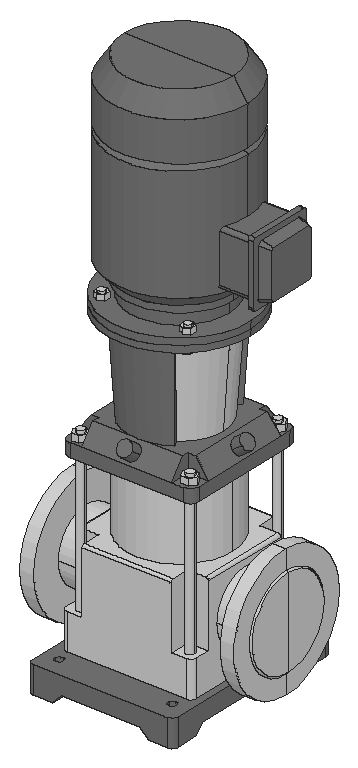
Revit family "TESK_Насос вертикальный_SVM(T)-64", category Оборудование, Revit 2019
Family settings
  Размер круглого соединителя = Использовать диаметр
  Классификация = Насос
  Тип детали = Вставляется
  На основе рабочей плоскости = Нет
  Всегда вертикально = Да
  При загрузке вырезать с полостями = Нет
  Общий = Нет
  Точка расчета площади = Нет
Parameters (values of type "Загрузите каталог типоразмеров TXT")
  Толщина_ФланцаДвигателя = Двигатель_Высота * 0.03  # 11.1 mm
  Таблица_Поиска = "TESK_SVM(T)-64"  # constant formula
  Производитель_Контакты = "info@teskpump.ru"
  Напор максимальный = 0
  Материал_КорпусУлитка = TESK_Нержавеющая сталь
  Материал_КорпусДвигателя = TESK_Черный_Ребра_Условный
  Материал_2 = TESK_Нержавеющая сталь
  Материал_1 = TESK_Черный_Условный
  Высота_Башня = size_lookup(Таблица_Поиска, "A5", 200 mm, ADSK_Марка)  # 200 mm
  Высота_Корпуса = size_lookup(Таблица_Поиска, "A1", 561 mm, ADSK_Марка)  # 561 mm
  Watermark [instance] = "Модели защищены уникальным кодом"
  URL = "www.teskpump.ru"
  D_Башня = Двигатель_Ширина * 0.75  # 172.5 mm
  ADSK_Свободный напор жидкости [instance] = 0.0 Pa
  ADSK_Расход жидкости [instance] = 0.0 L/s
  ADSK_Полная мощность = ADSK_Номинальная мощность * ADSK_Коэффициент мощности  # 0 kVA
  ADSK_Номинальная мощность = size_lookup(Таблица_Поиска, "Pow", 0 kW, ADSK_Марка)  # 0 kW
  ADSK_Напряжение = 400 V
  ADSK_Наименование краткое = "Вертикальный многоступенчатый центробежный насос"  # constant formula
  ADSK_Наименование = size_lookup(Таблица_Поиска, "Name", "Не найдено: Насос TESK SVM(T)-64", ADSK_Марка)  # "Не найдено: Насос TESK SVM(T)-64"
  ADSK_Масса_Текст = size_lookup(Таблица_Поиска, "mass_t", "Не найдено: Насос TESK SVM(T)-64", ADSK_Марка)  # "Не найдено: Насос TESK SVM(T)-64"
  ADSK_Масса = size_lookup(Таблица_Поиска, "mass", 0, ADSK_Марка)  # 0
  ADSK_Марка = "Загрузите каталог типоразмеров TXT"
  ADSK_Коэффициент мощности = 1
  ADSK_Количество фаз числовое = ADSK_Количество фаз  # 3
  ADSK_Количество фаз = if(ADSK_Напряжение = 230 V, 1, 3)  # 3
  ADSK_Количество = 1  # constant formula
  ADSK_Код изделия = size_lookup(Таблица_Поиска, "code", "Не найдено: Насос TESK SVM(T)-64", ADSK_Марка)  # "Не найдено: Насос TESK SVM(T)-64"
  ADSK_Классификация нагрузок = Прочее
  ADSK_Завод-изготовитель = "TESK"  # constant formula
  ADSK_Единица измерения = "шт."  # constant formula
  ADSK_Диаметр условный = 100 mm  # constant formula
  ADSK_Версия семейства = "1.0"  # constant formula
  ADSK_Версия Revit = "2019"  # constant formula
  Фланец_Толщина = 26 mm  # constant formula
  УГО_Длина = 365 mm  # constant formula
  Двигатель_Ширина = size_lookup(Таблица_Поиска, "A3", 230 mm, ADSK_Марка)  # 230 mm
  Двигатель_ОтступКоробки = size_lookup(Таблица_Поиска, "A4", 188 mm, ADSK_Марка)  # 188 mm
  Двигатель_Высота = size_lookup(Таблица_Поиска, "A2", 370 mm, ADSK_Марка)  # 370 mm
Reference planes
  plane 1 "По центру (Вперед/Назад)": y = 0
  plane 2: z = 0
  plane 3 "По центру (Влево/Вправо)": x = 0
  plane 4: x = -182.5
  plane 5: x = 182.5
  plane 6: x = -156.5
  plane 7: x = 156.5
  plane 8: z = -140
  plane 9: z = 421
  plane 10: z = 221
  plane 11: z = 199
  plane 12: x = -110
  plane 13: y = 110
  plane 14: x = 110
  plane 15: y = -110
  plane 16: x = -92
  plane 17: x = 92
  plane 18: y = -92
  plane 19: y = 92
  plane 20: z = 236
  plane 21: z = -95
  plane 22: x = -122.5
  plane 23: x = 122.5
  plane 24: y = -165
  plane 25: y = 165
  plane 26: z = -125
  plane 27: x = -80
  plane 28: x = 80
  plane 29: y = -165
  plane 30: y = 165
  plane 31: x = -122.5
  plane 32: x = 122.5
  plane 33: y = -118
  plane 34: y = 118
  plane 35: z = -125
  plane 36: x = -95
  plane 37: x = 95
  plane 38: y = -133
  plane 39: y = 133
  plane 40: z = 75
  plane 41: x = -110
  plane 42: x = 110
  plane 43: y = -110
  plane 44: y = 110
  plane 45: x = -110
  plane 46: x = 110
  plane 47: y = -110
  plane 48: y = 110
  plane 49: x = -75
  plane 50: x = 75
  plane 51: y = -75
  plane 52: y = 75
  plane 53: z = -35
  plane 54: x = -92
  plane 55: x = 92
  plane 56: y = -92
  plane 57: y = 92
  plane 58: x = -110
  plane 59: x = 110
  plane 60: y = -110
  plane 61: y = 110
  plane 62: x = -87
  plane 63: x = 87
  plane 64: y = -87
  plane 65: y = 87
  plane 66: z = 251
  plane 67: z = 409.9
  plane 68: x = -75
  plane 69: x = -86.25
  plane 70: x = 86.25
  plane 71: x = -87
  plane 72: x = -98.25
  plane 73: x = 75
  plane 74: x = 86.25
  plane 75: x = -86.25
  plane 76: x = 87
  plane 77: x = 98.25
  plane 78: z = 70
  plane 79: x = -105
  plane 80: x = -110
Forms (mm)
  Extrusion 1, solid, material "TESK_Нержавеющая сталь" <- "Материал_КорпусУлитка", detail levels fine
    sketch origin (0, 0, 0) x (0, 1, 0) y (0, 0, 1)
      loop
        circle (0, 0) r 60
    from -156.5 to 156.5
  Extrusion 2, solid, material "TESK_Черный_Условный" <- "Материал_1", detail levels fine
    sketch origin (0, 0, 0) x (1, 0, 0) y (0, 1, 0)
      loop
        line (-110, 95) -> (-110, -95)
        arc (-110, -95) -> (-105.607, -105.607) -> (-95, -110) r 15
        line (-95, -110) -> (95, -110)
        arc (95, -110) -> (105.607, -105.607) -> (110, -95) r 15
        line (110, -95) -> (110, 95)
        arc (110, 95) -> (105.607, 105.607) -> (95, 110) r 15
        line (95, 110) -> (-95, 110)
        arc (-95, 110) -> (-105.607, 105.607) -> (-110, 95) r 15
    from 199 to 221
  Extrusion 3, solid, material "TESK_Нержавеющая сталь" <- "Материал_2", detail levels fine
    sketch origin (0, 0, 0) x (1, 0, 0) y (0, 1, 0)
      loop
        circle (-92, 92) r 7
      loop
        circle (92, 92) r 7
      loop
        circle (-92, -92) r 7
      loop
        circle (92, -92) r 7
    from -35 to 236
  Extrusion 4, solid, material "TESK_Черный_Условный" <- "Материал_1", detail levels fine
    sketch origin (0, 0, 0) x (1, 0, 0) y (0, 1, 0)
      loop
        line (-122.5, 155) -> (-122.5, -155)
        arc (-122.5, -155) -> (-119.571, -162.071) -> (-112.5, -165) r 10
        line (-112.5, -165) -> (112.5, -165)
        arc (112.5, -165) -> (119.571, -162.071) -> (122.5, -155) r 10
        line (122.5, -155) -> (122.5, 155)
        arc (122.5, 155) -> (119.571, 162.071) -> (112.5, 165) r 10
        line (112.5, 165) -> (-112.5, 165)
        arc (-112.5, 165) -> (-119.571, 162.071) -> (-122.5, 155) r 10
    from -140 to -95
  Extrusion 5, void
    sketch origin (0, 0, 0) x (1, 0, 0) y (0, 0, 1)
      loop
        line (-65, -125) -> (-80, -140) -> (80, -140) -> (65, -125) -> (-65, -125)
    from -165 to 165
  Extrusion 6, void
    sketch origin (0, 0, 0) x (0, 1, 0) y (0, 0, 1)
      loop
        line (-103, -125) -> (-118, -140) -> (118, -140) -> (103, -125) -> (-103, -125)
    from -122.5 to 122.5
  Extrusion 7, void
    sketch origin (0, 0, 0) x (1, 0, 0) y (0, 1, 0)
      loop
        circle (-95, 133) r 7
      loop
        circle (95, 133) r 7
      loop
        circle (95, -133) r 7
      loop
        circle (-95, -133) r 7
    from -95 to -140
  Extrusion 8, solid, material "TESK_Нержавеющая сталь" <- "Материал_КорпусУлитка", detail levels fine
    sketch origin (0, 0, 0) x (1, 0, 0) y (0, 1, 0)
      loop
        arc (-100, 110) -> (-107.071, 107.071) -> (-110, 100) r 10
        line (-110, 100) -> (-110, -100)
        arc (-110, -100) -> (-107.071, -107.071) -> (-100, -110) r 10
        line (-100, -110) -> (100, -110)
        arc (100, -110) -> (107.071, -107.071) -> (110, -100) r 10
        line (110, -100) -> (110, 100)
        arc (110, 100) -> (107.071, 107.071) -> (100, 110) r 10
        line (100, 110) -> (-100, 110)
    from -95 to 75
  Extrusion 9, void
    sketch origin (0, 0, 0) x (1, 0, 0) y (0, 1, 0)
      loop
        line (-110, 75) -> (-75, 75) -> (-75, 110) -> (-110, 110) -> (-110, 75)
      loop
        line (75, 75) -> (110, 75) -> (110, 110) -> (75, 110) -> (75, 75)
      loop
        line (-110, -75) -> (-110, -110) -> (-75, -110) -> (-75, -75) -> (-110, -75)
      loop
        line (75, -75) -> (75, -110) -> (110, -110) -> (110, -75) -> (75, -75)
    from -35 to 251
  Extrusion 10, solid, material "TESK_Нержавеющая сталь" <- "Материал_2", detail levels fine
    sketch origin (0, 0, 0) x (1, 0, 0) y (0, 1, 0)
      loop
        circle (0, 0) r 90
    from 75 to 199
  Blend 11, solid, material "TESK_Черный_Условный" <- "Материал_1", detail levels fine
    base sketch origin (0, 0, 0) x (1, 0, 0) y (0, 1, 0)
      loop
        line (-110, 110) -> (-110, -110) -> (110, -110) -> (110, 110) -> (-110, 110)
    top sketch origin (0, 0, 0) x (1, 0, 0) y (0, 1, 0)
      loop
        line (-87, 87) -> (-87, -87) -> (87, -87) -> (87, 87) -> (-87, 87)
    from 221 to 251
  Blend 12, solid, material "TESK_Нержавеющая сталь" <- "Материал_2", detail levels fine
    base sketch origin (0, 0, 0) x (1, 0, 0) y (0, 1, 0)
      loop
        circle (0, 0) r 75
    top sketch origin (0, 0, 0) x (1, 0, 0) y (0, 1, 0)
      loop
        circle (0, 0) r 86.25
    from 251 to 409.9
  Revolve 13, solid, material "TESK_Черный_Условный" <- "Материал_1", detail levels fine
    sketch origin (0, 0, 0) x (1, 0, 0) y (0, 0, 1)
      loop
        line (-98.25, 409.9) -> (-87, 251) -> (-75, 251) -> (-86.25, 409.9) -> (-98.25, 409.9)
      axis (0, 251) -> (0, 409.9)
    angle from -125 to -55
  Revolve 14, solid, material "TESK_Черный_Условный" <- "Материал_1", detail levels fine
    sketch origin (0, 0, 0) x (-1, 0, 0) y (0, 0, 1)
      loop
        line (-98.25, 409.9) -> (-87, 251) -> (-75, 251) -> (-86.25, 409.9) -> (-98.25, 409.9)
      axis (0, 251) -> (0, 409.9)
    angle from 125 to 55
  Sweep 15, void
    path in 3D
      loop
        arc (-110, -100, 75) -> (-107.071, -107.071, 75) -> (-100, -110, 75) r 10
        line (-100, -110, 75) -> (100, -110, 75)
        arc (100, -110, 75) -> (107.071, -107.071, 75) -> (110, -100, 75) r 10
        line (110, -100, 75) -> (110, 100, 75)
        arc (110, 100, 75) -> (107.071, 107.071, 75) -> (100, 110, 75) r 10
        line (100, 110, 75) -> (-100, 110, 75)
        arc (-100, 110, 75) -> (-107.071, 107.071, 75) -> (-110, 100, 75) r 10
        line (-110, 100, 75) -> (-110, -100, 75)
    profile origin (-110, 0, 75) x (1, 0, 0) y (0, 0, 1)
      loop
        line (0, 0) -> (0, -5)
        arc (0, -5) -> (1.464, -1.464) -> (5, 0) r 5
        line (5, 0) -> (0, 0)
Cuts and joins
  Extrusion 5, Extrusion 6, Extrusion 7 cuts Extrusion 4
  Extrusion 9 cuts Blend 11
  Extrusion 9, Sweep 15 cuts Extrusion 8
Lines and regions (mm)
  sketch lines
    curve 1: line (-110, 100, 75) -> (-110, -100, 75)
    curve 2: arc (-100, -110, 75) -> (-107.071, -107.071, 75) -> (-110, -100, 75) r 10
    curve 3: line (-100, -110, 75) -> (100, -110, 75)
    curve 4: arc (110, -100, 75) -> (107.071, -107.071, 75) -> (100, -110, 75) r 10
    curve 5: line (110, -100, 75) -> (110, 100, 75)
    curve 6: arc (100, 110, 75) -> (107.071, 107.071, 75) -> (110, 100, 75) r 10
    curve 7: line (100, 110, 75) -> (-100, 110, 75)
    curve 8: arc (-110, 100, 75) -> (-107.071, 107.071, 75) -> (-100, 110, 75) r 10
Dimensions and locks
  locked: plane 2 to plane 8 at 140
  "Высота_Башня": plane 9 to plane 10
  locked: plane 10 to plane 11 at 22
  equal spacing: plane 12, plane 3 "По центру (Влево/Вправо)", plane 14
  equal spacing: plane 13, plane 1 "По центру (Вперед/Назад)", plane 15
  locked: plane 15 to plane 1 "По центру (Вперед/Назад)" at 110
  locked: plane 12 to plane 3 "По центру (Влево/Вправо)" at 110
  equal spacing: plane 16, plane 3 "По центру (Влево/Вправо)", plane 17
  locked: plane 16 to plane 3 "По центру (Влево/Вправо)" at 92
  equal spacing: plane 19, plane 1 "По центру (Вперед/Назад)", plane 18
  locked: plane 19 to plane 1 "По центру (Вперед/Назад)" at 92
  locked: plane 20 to plane 10 at 15
  locked: plane 21 to plane 8 at 45
  equal spacing: plane 22, plane 3 "По центру (Влево/Вправо)", plane 23
  locked: plane 22 to plane 3 "По центру (Влево/Вправо)" at 122.5
  equal spacing: plane 25, plane 1 "По центру (Вперед/Назад)", plane 24
  locked: plane 25 to plane 1 "По центру (Вперед/Назад)" at 165
  locked: plane 26 to plane 8 at 15
  equal spacing: plane 28, plane 3 "По центру (Влево/Вправо)", plane 27
  locked: plane 3 "По центру (Влево/Вправо)" to plane 27 at 80
  equal spacing: plane 29, plane 1 "По центру (Вперед/Назад)", plane 30
  locked: plane 29 to plane 1 "По центру (Вперед/Назад)" at 165
  equal spacing: plane 32, plane 3 "По центру (Влево/Вправо)", plane 31
  locked: plane 3 "По центру (Влево/Вправо)" to plane 31 at 122.5
  equal spacing: plane 33, plane 1 "По центру (Вперед/Назад)", plane 34
  locked: plane 33 to plane 1 "По центру (Вперед/Назад)" at 118
  locked: plane 35 to plane 8 at 15
  equal spacing: plane 36, plane 3 "По центру (Влево/Вправо)", plane 37
  equal spacing: plane 39, plane 1 "По центру (Вперед/Назад)", plane 38
  locked: plane 39 to plane 1 "По центру (Вперед/Назад)" at 133
  locked: plane 3 "По центру (Влево/Вправо)" to plane 37 at 95
  locked: plane 40 to plane 21 at 170
  equal spacing: plane 41, plane 3 "По центру (Влево/Вправо)", plane 42
  equal spacing: plane 44, plane 1 "По центру (Вперед/Назад)", plane 43
  locked: plane 43 to plane 1 "По центру (Вперед/Назад)" at 110
  locked: plane 3 "По центру (Влево/Вправо)" to plane 42 at 110
  equal spacing: plane 48, plane 1 "По центру (Вперед/Назад)", plane 47
  equal spacing: plane 45, plane 3 "По центру (Влево/Вправо)", plane 46
  locked: plane 45 to plane 3 "По центру (Влево/Вправо)" at 110
  locked: plane 48 to plane 1 "По центру (Вперед/Назад)" at 110
  locked: plane 48 to plane 52 at 35
  locked: plane 51 to plane 47 at 35
  locked: plane 45 to plane 49 at 35
  locked: plane 50 to plane 46 at 35
  locked: plane 2 to plane 53 at 35
  equal spacing: plane 57, plane 1 "По центру (Вперед/Назад)", plane 56
  locked: plane 57 to plane 1 "По центру (Вперед/Назад)" at 92
  equal spacing: plane 54, plane 3 "По центру (Влево/Вправо)", plane 55
  locked: plane 3 "По центру (Влево/Вправо)" to plane 55 at 92
  equal spacing: plane 61, plane 1 "По центру (Вперед/Назад)", plane 60
  equal spacing: plane 58, plane 3 "По центру (Влево/Вправо)", plane 59
  locked: plane 58 to plane 3 "По центру (Влево/Вправо)" at 110
  locked: plane 1 "По центру (Вперед/Назад)" to plane 61 at 110
  equal spacing: plane 62, plane 3 "По центру (Влево/Вправо)", plane 63
  equal spacing: plane 65, plane 1 "По центру (Вперед/Назад)", plane 64
  locked: plane 1 "По центру (Вперед/Назад)" to plane 65 at 87
  locked: plane 62 to plane 3 "По центру (Влево/Вправо)" at 87
  locked: plane 66 to plane 10 at 30
  "Толщина_ФланцаДвигателя": plane 9 to plane 67
  equal spacing: plane 70, plane 3 "По центру (Влево/Вправо)", plane 69
  "D_Башня": plane 70 to plane 69
  locked: plane 3 "По центру (Влево/Вправо)" to plane 68 at 75
  locked: plane 69 to plane 72 at 12
  locked: plane 68 to plane 71 at 12
  "D_Башня": plane 75 to plane 74
  locked: plane 74 to plane 77 at 12
  locked: plane 73 to plane 76 at 12
  equal spacing: plane 75, plane 3 "По центру (Влево/Вправо)", plane 74
  locked: plane 73 to plane 3 "По центру (Влево/Вправо)" at 75
  equal spacing: plane 5, plane 3 "По центру (Влево/Вправо)", plane 4
  locked: plane 3 "По центру (Влево/Вправо)" to plane 4 at 182.5
  "Фланец_Толщина": plane 6 to plane 4
  "Фланец_Толщина": plane 5 to plane 7
  "Высота_Корпуса": plane 9 to plane 8
  locked: plane 79 to plane 80 at 5
  locked: plane 40 to plane 78 at 5
  locked: plane 3 "По центру (Влево/Вправо)" to plane 80 at 110
  diameter of Extrusion 1 sketch curve = 120 mm
  radius of Extrusion 2 sketch curve = 15 mm  (x4)
  diameter of Extrusion 3 sketch curve = 14 mm  (x4)
  radius of Extrusion 4 sketch curve = 10 mm  (x4)
  diameter of Extrusion 7 sketch curve = 14 mm  (x4)
  radius of Extrusion 8 sketch curve = 10 mm  (x4)
  diameter of Blend 12 sketch curve = 150 mm
  "D_Башня": diameter of Blend 12 sketch curve
  diameter of Extrusion 10 sketch curve = 180 mm
  radius of Sweep 15 sketch curve = 5 mm
  locked: Extrusion 5 sketch curve to plane 27 (angle 45.00°)
  locked: plane 28 to Extrusion 5 sketch curve (angle 45.00°)
  locked: Extrusion 6 sketch curve to plane 33 (angle 45.00°)
  locked: plane 34 to Extrusion 6 sketch curve (angle 45.00°)
  aligned and locked: level to plane 2
  aligned and locked: plane 1 "По центру (Вперед/Назад)" to nested 1
  aligned and locked: nested 2 to plane 1 "По центру (Вперед/Назад)"
  aligned and locked: plane 4 to nested 1
  aligned and locked: nested 2 to plane 5
  aligned and locked: Extrusion 1 to plane 6
  aligned and locked: plane 7 to Extrusion 1
  aligned and locked: Extrusion 2 sketch curve to plane 12
  aligned and locked: Extrusion 2 sketch curve to plane 13
  aligned and locked: Extrusion 2 sketch curve to plane 14
  aligned and locked: Extrusion 2 sketch curve to plane 15
  aligned and locked: plane 10 to Extrusion 2
  aligned and locked: Extrusion 2 to plane 11
  aligned and locked: plane 19 to Extrusion 3 sketch curve  (x2)
  aligned and locked: plane 16 to Extrusion 3 sketch curve  (x2)
  aligned and locked: plane 17 to Extrusion 3 sketch curve  (x2)
  aligned and locked: plane 18 to Extrusion 3 sketch curve  (x2)
  aligned and locked: Extrusion 3 to plane 20
  aligned and locked: plane 3 "По центру (Влево/Вправо)" to nested 3
  aligned and locked: plane 1 "По центру (Вперед/Назад)" to nested 3
  aligned and locked: plane 9 to nested 3
  aligned and locked: Extrusion 4 sketch curve to plane 22
  aligned and locked: Extrusion 4 sketch curve to plane 25
  aligned and locked: Extrusion 4 sketch curve to plane 23
  aligned and locked: Extrusion 4 sketch curve to plane 24
  aligned and locked: plane 21 to Extrusion 4
  aligned and locked: Extrusion 4 to plane 8
  aligned and locked: Extrusion 5 sketch curve to plane 26
  aligned and locked: Extrusion 5 sketch curve to plane 27
  aligned and locked: Extrusion 5 sketch curve to plane 8
  aligned and locked: Extrusion 5 sketch curve to plane 28
  aligned and locked: plane 8 to Extrusion 5 sketch curve
  aligned and locked: Extrusion 5 to plane 29
  aligned and locked: Extrusion 5 to plane 30
  aligned and locked: Extrusion 6 sketch curve to plane 35
  aligned and locked: Extrusion 6 sketch curve to plane 8
  aligned and locked: Extrusion 6 sketch curve to plane 34
  aligned and locked: plane 8 to Extrusion 6 sketch curve
  aligned and locked: Extrusion 6 sketch curve to plane 33
  aligned and locked: Extrusion 6 to plane 31
  aligned and locked: Extrusion 6 to plane 32
  aligned and locked: plane 39 to Extrusion 7 sketch curve  (x2)
  aligned and locked: plane 36 to Extrusion 7 sketch curve  (x2)
  aligned and locked: plane 37 to Extrusion 7 sketch curve  (x2)
  aligned and locked: plane 38 to Extrusion 7 sketch curve  (x2)
  aligned and locked: Extrusion 7 to plane 21
  aligned and locked: Extrusion 7 to plane 8
  aligned and locked: Extrusion 8 sketch curve to plane 44
  aligned and locked: Extrusion 8 sketch curve to plane 41
  aligned and locked: Extrusion 8 sketch curve to plane 42
  aligned and locked: Extrusion 8 sketch curve to plane 43
  aligned and locked: Extrusion 8 to plane 21
  aligned and locked: plane 40 to Extrusion 8
  aligned and locked: Extrusion 9 sketch curve to plane 52  (x2)
  aligned and locked: Extrusion 9 sketch curve to plane 45
  aligned and locked: Extrusion 9 sketch curve to plane 48  (x2)
  aligned and locked: Extrusion 9 sketch curve to plane 49
  aligned and locked: Extrusion 9 sketch curve to plane 50
  aligned and locked: Extrusion 9 sketch curve to plane 46
  aligned and locked: plane 45 to Extrusion 9 sketch curve
  aligned and locked: Extrusion 9 sketch curve to plane 47  (x2)
  aligned and locked: plane 49 to Extrusion 9 sketch curve
  aligned and locked: Extrusion 9 sketch curve to plane 51  (x2)
  aligned and locked: plane 50 to Extrusion 9 sketch curve
  aligned and locked: plane 46 to Extrusion 9 sketch curve
  aligned and locked: Extrusion 9 to plane 53
  aligned and locked: Extrusion 10 to plane 40
  aligned and locked: plane 11 to Extrusion 10
  aligned and locked: nested 4 to plane 10
  aligned and locked: nested 4 to plane 54
  aligned and locked: plane 56 to nested 4
  aligned and locked: Extrusion 3 to plane 53
  aligned and locked: nested 5 to plane 55
  aligned and locked: nested 5 to plane 56
  aligned and locked: plane 55 to nested 7
  aligned and locked: nested 7 to plane 57
  aligned and locked: plane 54 to nested 6
  aligned and locked: plane 57 to nested 6
  aligned and locked: plane 10 to nested 5
  aligned and locked: nested 7 to plane 10
  aligned and locked: plane 10 to nested 6
  aligned and locked: Blend 11 sketch curve to plane 58
  aligned and locked: Blend 11 sketch curve to plane 61
  aligned and locked: Blend 11 sketch curve to plane 60
  aligned and locked: Blend 11 sketch curve to plane 59
  aligned and locked: Blend 11 sketch curve to plane 65
  aligned and locked: Blend 11 sketch curve to plane 62
  aligned and locked: Blend 11 sketch curve to plane 63
  aligned and locked: Blend 11 sketch curve to plane 64
  aligned and locked: Blend 11 to plane 10
  aligned and locked: plane 66 to Extrusion 9
  aligned and locked: plane 66 to Blend 11
  aligned and locked: plane 3 "По центру (Влево/Вправо)" to Blend 12 sketch curve  (x2)
  aligned and locked: plane 1 "По центру (Вперед/Назад)" to Blend 12 sketch curve  (x2)
  aligned and locked: Blend 12 to plane 66
  aligned and locked: plane 67 to Blend 12
  aligned and locked: plane 3 "По центру (Влево/Вправо)" to Revolve 13 sketch curve
  aligned and locked: Revolve 13 sketch curve to plane 67
  aligned and locked: Revolve 13 sketch curve to plane 66
  aligned and locked: plane 71 to Revolve 13 sketch curve
  aligned and locked: plane 68 to Revolve 13 sketch curve
  aligned and locked: plane 72 to Revolve 13 sketch curve
  aligned and locked: plane 69 to Revolve 13 sketch curve
  aligned and locked: plane 66 to Revolve 14 sketch curve
  aligned and locked: plane 76 to Revolve 14 sketch curve
  aligned and locked: plane 73 to Revolve 14 sketch curve
  aligned and locked: plane 67 to Revolve 14 sketch curve
  aligned and locked: plane 77 to Revolve 14 sketch curve
  aligned and locked: plane 74 to Revolve 14 sketch curve
  aligned and locked: plane 3 "По центру (Влево/Вправо)" to Revolve 14 sketch curve
  aligned and locked: nested 8 to plane 1 "По центру (Вперед/Назад)"
  aligned and locked: nested 8 to plane 3 "По центру (Влево/Вправо)"
  aligned and locked: nested 9 to plane 1 "По центру (Вперед/Назад)"
  aligned and locked: plane 2 to nested 9
  aligned and locked: nested 9 to plane 3 "По центру (Влево/Вправо)"
  aligned and locked: plane 3 "По центру (Влево/Вправо)" to Extrusion 10 sketch curve
  aligned and locked: plane 1 "По центру (Вперед/Назад)" to Extrusion 10 sketch curve
  aligned and locked: plane 3 "По центру (Влево/Вправо)" to nested 10
  aligned and locked: Sweep 15 sketch curve to plane 80
  aligned and locked: Sweep 15 sketch curve to plane 40
  aligned and locked: plane 78 to Sweep 15 sketch curve
  aligned and locked: plane 79 to Sweep 15 sketch curve
  aligned and locked: nested 11 to plane 1 "По центру (Вперед/Назад)"
Automatic sketch dimensions
  Extrusion 1 sketch curve to level = 0 mm
  Extrusion 1 sketch curve to plane 1 "По центру (Вперед/Назад)" = 0 mm
  plane 66 to Revolve 13 sketch curve = 50 mm
  Revolve 13 sketch curve to plane 67 = 33.01 mm
  Revolve 14 sketch curve to plane 66 = 50 mm
  plane 67 to Revolve 14 sketch curve = 33.01 mm
Nested families
  nested 1: "Фланец_Круглый" at (-156.5, 0, 0), Толщина_Фланца <- "Фланец_Толщина", ADSK_Материал <- "Материал_КорпусУлитка", type "Фланец_Круглый", detail levels fine
    with Толщина_Фланца 26 mm, Толщина_Зеркала 3 mm, Dнар_Фланца 220 mm, D_Зеркала 150 mm, ADSK_Материал TESK_Нержавеющая сталь
  nested 2: "Фланец_Круглый" at (156.5, 0, 0) x (-1, 0, 0) z (0, 0, 1), Толщина_Фланца <- "Фланец_Толщина", ADSK_Материал <- "Материал_КорпусУлитка", type "Фланец_Круглый", detail levels fine
    with Толщина_Фланца 26 mm, Толщина_Зеркала 3 mm, Dнар_Фланца 220 mm, D_Зеркала 150 mm, ADSK_Материал TESK_Нержавеющая сталь
  nested 3: "Электродвигатель" at (0, 0, 421), Материал_Метизы <- "Материал_2", Материал_Основной <- "Материал_1", Материал_Ребра <- "Материал_КорпусДвигателя", Высота_Двигателя <- "Двигатель_Высота", Отступ_Коробка <- "Двигатель_ОтступКоробки", Ширина_Двигателя <- "Двигатель_Ширина", type "Электродвигатель", detail levels fine
    with Ширина_Коробки 94 mm, Ширина_Двигателя 230 mm, Толщина_ШляпкаБолта 7.245 mm, Толщина_Фланца 11.1 mm, Толщина_КрышкаКоробки 28.2 mm, Толщина_Гайки 9.056 mm, Отступ_Коробка 188 mm, Материал_Ребра TESK_Черный_Ребра_Условный, Материал_Основной TESK_Черный_Условный, Материал_Метизы TESK_Нержавеющая сталь, Коробка_Начало 74 mm, Длина_МеждуБолтами 144.9 mm, Выступ_КрышкаКоробки 7.52 mm, Высота_Двигателя 370 mm, Вылет_Болтов 11.773 mm, r2 92 mm, r1 85.1 mm, l3 3.76 mm, l2 6.58 mm, l1 6.58 mm, h6 23 mm, h5 33.3 mm, h4 111 mm, h3 99.9 mm, h2 33.3 mm, h1 22.2 mm, S_Метизы 18.113 mm, R_Верхушка 11.1 mm, R_2 3.76 mm, R_1 6.58 mm, D_Фланец 241.5 mm, D_Болты 12.075 mm
  nested 4: "Гайка_Условная" at (-92, -92, 221) x (-1, 0, 0) z (0, 0, 1), Материал1 <- "Материал_2", type "Гайка_Условная", detail levels fine
    with Толщина_Гайка 11 mm, Материал1 TESK_Нержавеющая сталь, S_Гайка 22 mm, D_Вн 14 mm
  nested 5: "Гайка_Условная" at (92, -92, 221), Материал1 <- "Материал_2", type "Гайка_Условная", detail levels fine
    with Толщина_Гайка 11 mm, Материал1 TESK_Нержавеющая сталь, S_Гайка 22 mm, D_Вн 14 mm
  nested 6: "Гайка_Условная" at (-92, 92, 221) x (-1, 0, 0) z (0, 0, 1), Материал1 <- "Материал_2", type "Гайка_Условная", detail levels fine
    with Толщина_Гайка 11 mm, Материал1 TESK_Нержавеющая сталь, S_Гайка 22 mm, D_Вн 14 mm
  nested 7: "Гайка_Условная" at (92, 92, 221), Материал1 <- "Материал_2", type "Гайка_Условная", detail levels fine
    with Толщина_Гайка 11 mm, Материал1 TESK_Нержавеющая сталь, S_Гайка 22 mm, D_Вн 14 mm
  nested 8: "Вл_УГО_Насос_2D" at (0, 0, 0) x (-1, 0, 0) z (0, 0, 1), L_УГО <- "УГО_Длина", type "Вл_УГО_Насос_2D", detail levels coarse+medium
    with L_УГО 365 mm
  nested 9: "Вл_УГО_Насос_3D" at (0, 0, 0) x (-1, 0, 0) z (0, -1, 0), L_УГО <- "УГО_Длина", type "Вл_УГО_Насос_3D", detail levels coarse+medium
    with L_УГО 365 mm
  nested 10: "Бобышка_Условная" at (0, -98.5, 236) x (1, 0, 0) z (0, -0.7936, 0.6084), Материал <- "Материал_1", type "Бобышка_Условная", detail levels fine
    with Материал TESK_Черный_Условный, Длина 20 mm, Диаметр 25.3 mm
  nested 11: "Бобышка_Условная" at (98.5, 0, 236) x (0, 1, 0) z (0.7936, 0, 0.6084), Материал <- "Материал_1", type "Бобышка_Условная", detail levels fine
    with Материал TESK_Черный_Условный, Длина 20 mm, Диаметр 25.3 mm
Connectors
  electrical at (0, 0, 691.1), driven by "ADSK_Количество фаз", driven by "ADSK_Классификация нагрузок", driven by "ADSK_Напряжение", driven by "ADSK_Полная мощность", driven by "ADSK_Коэффициент мощности"
    settings: on nested 3, index 1, voltage 400 V, apparent load 0 kVA, apparent load phase1 0 kVA, apparent load phase2 0 kVA, apparent load phase3 0 kVA, power factor 1, load classification "Прочее", number of poles 3, system type 30, power factor state 1, is connector primary yes, connector utility no, sub classification motor no, connector description ""
  piping at (-182.5, 0, 0), diameter 100, driven by "ADSK_Диаметр условный", driven by "ADSK_Расход жидкости"
    settings: on nested 1, index 2, connector inside diameter 609.6 mm, connector length 0 mm, flow factor 0, pipe flow 0.0 L/s, pressure drop 0.0 Pa, fitting loss kfactor 0, connector angle 0.00°, fixture units 0, engagement length 0 mm, angle of deflection 0.00°, flow configuration 0, flow direction 1, fitting loss method 0, system type 29, joint type 0, gender type 0, connector reference index -1, connector utility 0, adjustable connector no, is connector primary yes, connector description ""
  piping at (182.5, 0, 0), diameter 100, driven by "ADSK_Диаметр условный", driven by "ADSK_Расход жидкости"
    settings: on nested 2, index 3, connector inside diameter 609.6 mm, connector length 0 mm, flow factor 0, pipe flow 0.0 L/s, pressure drop 0.0 Pa, fitting loss kfactor 0, connector angle 0.00°, fixture units 0, engagement length 0 mm, angle of deflection 0.00°, flow configuration 0, flow direction 2, fitting loss method 0, system type 29, joint type 0, gender type 0, connector reference index -1, connector utility 0, adjustable connector no, is connector primary no, connector description ""
Definition of nested family "Фланец_Круглый"
  Parameters (values of type "Фланец_Круглый")
    Толщина_Фланца [instance] = 30 mm
    Толщина_Зеркала [instance] = 2 mm
    Dнар_Фланца [instance] = 200 mm
    D_Зеркала [instance] = 90 mm
    ADSK_Материал [instance] = none
  Reference planes
    plane 1 "По центру (Вперед/Назад)": y = 0
    plane 2: z = 0
    plane 3 "По центру (Влево/Вправо)": x = 0
    plane 4: z = 100
    plane 5: z = -100
    plane 6: x = -30
    plane 7: x = -28
    plane 8: z = 45
    plane 9: z = -45
  Forms (mm)
    Revolve 1, solid, material <- "ADSK_Материал"
      sketch origin (0, 0, 0) x (1, 0, 0) y (0, 0, 1)
        loop
          line (0, 100) -> (-28, 100) -> (-28, 0) -> (0, 0) -> (0, 100)
        axis (-28, 0) -> (0, 0)
      angle from 0 to 360
    Revolve 2, solid, material <- "ADSK_Материал"
      sketch origin (0, 0, 0) x (1, 0, 0) y (0, 0, 1)
        loop
          line (-28, 47) -> (-30, 45) -> (-30, 0) -> (-28, 0) -> (-28, 47)
        axis (-30, 0) -> (-28, 0)
      angle from 0 to 360
  Cuts and joins
    joined: Revolve 1, Revolve 2
  Dimensions and locks
    equal spacing: plane 4, plane 2, plane 5
    "Dнар_Фланца": plane 4 to plane 5
    "Толщина_Фланца": plane 3 "По центру (Влево/Вправо)" to plane 6
    "Толщина_Зеркала": plane 7 to plane 6
    equal spacing: plane 8, plane 2, plane 9
    "D_Зеркала": plane 8 to plane 9
    locked: Revolve 2 sketch curve to plane 6 (angle 45.00°)
    aligned and locked: level to plane 2
    aligned and locked: Revolve 1 sketch curve to plane 2  (x2)
    aligned and locked: Revolve 1 sketch curve to plane 3 "По центру (Влево/Вправо)"
    aligned and locked: Revolve 1 sketch curve to plane 7
    aligned and locked: Revolve 1 sketch curve to plane 4
    aligned and locked: Revolve 2 sketch curve to plane 2  (x2)
    aligned and locked: Revolve 2 sketch curve to plane 7
    aligned and locked: Revolve 2 sketch curve to plane 6
    aligned and locked: plane 8 to Revolve 2 sketch curve
  Automatic sketch dimensions
    plane 7 to Revolve 1 sketch curve = 5 mm
    Revolve 1 sketch curve to plane 3 "По центру (Влево/Вправо)" = 2 mm
    plane 7 to Revolve 2 sketch curve = 12.352 mm
    Revolve 2 sketch curve to plane 3 "По центру (Влево/Вправо)" = 5.648 mm
Definition of nested family "Электродвигатель"
  Parameters (values of type "Электродвигатель")
    Ширина_Коробки [instance] = Отступ_Коробка * 0.5  # 77.5 mm
    Ширина_Двигателя [instance] = 190 mm
    Толщина_ШляпкаБолта [instance] = S_Метизы * 0.4  # 5.985 mm
    Толщина_Фланца [instance] = Высота_Двигателя * 0.03  # 9.99 mm
    Толщина_КрышкаКоробки [instance] = Отступ_Коробка * 0.15  # 23.25 mm
    Толщина_Гайки [instance] = S_Метизы * 0.5  # 7.481 mm
    Материал_Ребра [instance] = none
    Материал_Основной [instance] = none
    Материал_Метизы [instance] = none
    Коробка_Начало [instance] = Высота_Двигателя * 0.2  # 66.6 mm
    Отступ_Коробка [instance] = 155 mm
    Длина_МеждуБолтами [instance] = D_Фланец * 0.6  # 119.7 mm
    Выступ_КрышкаКоробки [instance] = Ширина_Коробки * 0.08  # 6.2 mm
    Высота_Двигателя [instance] = 333 mm
    Вылет_Болтов [instance] = Толщина_Гайки * 1.3  # 9.726 mm
    r2 [instance] = Ширина_Двигателя * 0.4  # 76 mm
    r1 [instance] = Ширина_Двигателя * 0.37  # 70.3 mm
    l3 [instance] = Ширина_Коробки * 0.04  # 3.1 mm
    l2 [instance] = Ширина_Коробки * 0.07  # 5.425 mm
    l1 [instance] = Ширина_Коробки * 0.07  # 5.425 mm
    h6 [instance] = Ширина_Двигателя / 2 - r2  # 19 mm
    h5 [instance] = Высота_Двигателя * 0.09  # 29.97 mm
    h4 [instance] = Высота_Двигателя * 0.3  # 99.9 mm
    h3 [instance] = Высота_Двигателя * 0.27  # 89.91 mm
    h2 [instance] = Высота_Двигателя * 0.09  # 29.97 mm
    h1 [instance] = Высота_Двигателя * 0.06  # 19.98 mm
    S_Метизы [instance] = D_Болты * 1.5  # 14.962 mm
    R_Верхушка [instance] = h5 / 3  # 9.99 mm
    R_2 [instance] = Ширина_Коробки * 0.04  # 3.1 mm
    R_1 [instance] = Ширина_Коробки * 0.07  # 5.425 mm
    D_Фланец [instance] = Ширина_Двигателя * 1.05  # 199.5 mm
    D_Болты [instance] = D_Фланец * 0.05  # 9.975 mm
  Reference planes
    plane 1 "По центру (Вперед/Назад)": y = 0
    plane 2: z = 0
    plane 3 "По центру (Влево/Вправо)": x = 0
    plane 4: z = 333
    plane 5: x = -95
    plane 6: x = 95
    plane 7: x = 155
    plane 8: z = 9.99
    plane 9: z = -9.99
    plane 10: z = 29.97
    plane 11: z = 39.96
    plane 12: z = 303.03
    plane 13: x = -70.3
    plane 14: x = -76
    plane 15: z = 233.1
    plane 16: x = -93
    plane 17: z = 243.09
    plane 18: x = -69.018
    plane 19: z = 144.1
    plane 20: z = 66.6
    plane 21: y = -38.75
    plane 22: y = 38.75
    plane 23: x = 131.75
    plane 24: x = 139.5
    plane 25: x = 147.25
    plane 26: y = -44.95
    plane 27: z = 150.3
    plane 28: y = 44.95
    plane 29: z = 60.4
    plane 30: x = -59.85
    plane 31: x = 59.85
    plane 32: y = 59.85
    plane 33: y = -59.85
    plane 34: z = -15.975
    plane 35: z = 19.716
    plane 36: z = 72.025
    plane 37: z = 138.675
    plane 38: y = -33.325
    plane 39: y = 33.325
    plane 40: y = -33.325
    plane 41: z = 138.675
    plane 42: z = 72.025
    plane 43: y = 33.325
    plane 44: y = -30.225
    plane 45: z = 135.575
    plane 46: z = 75.125
    plane 47: y = 30.225
    plane 48: z = 17.471
    plane 49: z = 252.1
    plane 50: z = 39.96
    plane 51: x = -76
    plane 52: z = 233.1
    plane 53: z = 252.1
  Forms (mm)
    Revolve 1, solid, material <- "Материал_Основной"
      sketch origin (0, 0, 0) x (1, 0, 0) y (0, 0, 1)
        loop
          line (0, 39.96) -> (-76, 39.96) -> (-76, 29.97) -> (-70.3, 29.97) -> (-70.3, 9.99) -> (0, 9.99) -> (0, 39.96)
        loop
          line (-76, 303.03) -> (-76, 252.1) -> (0, 252.1) -> (0, 333) -> (-74.015, 333) -> (-95, 303.03) -> (-95, 243.09) -> (-93, 243.09) -> (-93, 303.03) -> (-76, 303.03)
        axis (0, 9.99) -> (0, 333)
      angle from 0 to 360
    Extrusion 2, solid, material <- "Материал_Основной"
      sketch origin (0, 0, 0) x (1, 0, 0) y (0, 1, 0)
        loop
          circle (0, 0) r 99.75
      from 0 to -9.99
    Extrusion 3, solid, material <- "Материал_Основной"
      sketch origin (0, 0, 0) x (1, 0, 0) y (0, 1, 0)
        loop
          circle (0, 0) r 99.75
      from 0 to 9.99
    Extrusion 4, solid, material <- "Материал_Основной"
      sketch origin (0, 0, 0) x (0, 1, 0) y (0, 0, 1)
        loop
          line (-38.75, 138.675) -> (-38.75, 72.025)
          arc (-38.75, 72.025) -> (-37.161, 68.189) -> (-33.325, 66.6) r 5.425
          line (-33.325, 66.6) -> (33.325, 66.6)
          arc (33.325, 66.6) -> (37.161, 68.189) -> (38.75, 72.025) r 5.425
          line (38.75, 72.025) -> (38.75, 138.675)
          arc (38.75, 138.675) -> (37.161, 142.511) -> (33.325, 144.1) r 5.425
          line (33.325, 144.1) -> (-33.325, 144.1)
          arc (-33.325, 144.1) -> (-37.161, 142.511) -> (-38.75, 138.675) r 5.425
      from 0 to 131.75
    Extrusion 5, solid, material <- "Материал_Основной"
      sketch origin (0, 0, 0) x (0, 1, 0) y (0, 0, 1)
        loop
          line (-41.85, 60.4) -> (41.85, 60.4)
          arc (41.85, 60.4) -> (44.042, 61.308) -> (44.95, 63.5) r 3.1
          line (44.95, 63.5) -> (44.95, 147.2)
          arc (44.95, 147.2) -> (44.042, 149.392) -> (41.85, 150.3) r 3.1
          line (41.85, 150.3) -> (-41.85, 150.3)
          arc (-41.85, 150.3) -> (-44.042, 149.392) -> (-44.95, 147.2) r 3.1
          line (-44.95, 147.2) -> (-44.95, 63.5)
          arc (-44.95, 63.5) -> (-44.042, 61.308) -> (-41.85, 60.4) r 3.1
      from 131.75 to 139.5
    Extrusion 6, solid, material <- "Материал_Метизы"
      sketch origin (0, 0, 0) x (1, 0, 0) y (0, 1, 0)
        loop
          circle (-59.85, 59.85) r 4.987
        loop
          circle (59.85, 59.85) r 4.987
        loop
          circle (-59.85, -59.85) r 4.987
        loop
          circle (59.85, -59.85) r 4.987
      from 9.99 to 19.716
    Blend 7, solid, material <- "Материал_Основной"
      base sketch origin (0, 0, 0) x (0, 1, 0) y (0, 0, 1)
        loop
          line (-33.325, 144.1) -> (-38.75, 138.675) -> (-38.75, 72.025) -> (-33.325, 66.6) -> (33.325, 66.6) -> (38.75, 72.025) -> (38.75, 138.675) -> (33.325, 144.1) -> (-33.325, 144.1)
      top sketch origin (0, 0, 0) x (0, 1, 0) y (0, 0, 1)
        loop
          line (-30.225, 138.675) -> (-33.325, 135.575) -> (-33.325, 75.125) -> (-30.225, 72.025) -> (30.225, 72.025) -> (33.325, 75.125) -> (33.325, 135.575) -> (30.225, 138.675) -> (-30.225, 138.675)
      from 139.5 to 155
    Extrusion 8, solid, material <- "Материал_Метизы"
      sketch origin (0, 0, 0) x (1, 0, 0) y (0, 1, 0)
        loop
          line (-59.85, 68.489) -> (-67.331, 64.169) -> (-67.331, 55.531) -> (-59.85, 51.211) -> (-52.369, 55.531) -> (-52.369, 64.169) -> (-59.85, 68.489)
        loop
          line (59.85, 68.489) -> (52.369, 64.169) -> (52.369, 55.531) -> (59.85, 51.211) -> (67.331, 55.531) -> (67.331, 64.169) -> (59.85, 68.489)
        loop
          line (59.85, -51.211) -> (52.369, -55.531) -> (52.369, -64.169) -> (59.85, -68.489) -> (67.331, -64.169) -> (67.331, -55.531) -> (59.85, -51.211)
        loop
          line (-59.85, -51.211) -> (-67.331, -55.531) -> (-67.331, -64.169) -> (-59.85, -68.489) -> (-52.369, -64.169) -> (-52.369, -55.531) -> (-59.85, -51.211)
      from -15.975 to -9.99
    Extrusion 9, solid, material <- "Материал_Метизы"
      sketch origin (0, 0, 0) x (1, 0, 0) y (0, 1, 0)
        loop
          circle (-59.85, 59.85) r 4.987
        loop
          circle (59.85, 59.85) r 4.987
        loop
          circle (59.85, -59.85) r 4.987
        loop
          circle (-59.85, -59.85) r 4.987
        loop
          line (-67.331, 55.531) -> (-59.85, 51.211) -> (-52.369, 55.531) -> (-52.369, 64.169) -> (-59.85, 68.489) -> (-67.331, 64.169) -> (-67.331, 55.531)
        loop
          line (52.369, 55.531) -> (59.85, 51.211) -> (67.331, 55.531) -> (67.331, 64.169) -> (59.85, 68.489) -> (52.369, 64.169) -> (52.369, 55.531)
        loop
          line (52.369, -64.169) -> (59.85, -68.489) -> (67.331, -64.169) -> (67.331, -55.531) -> (59.85, -51.211) -> (52.369, -55.531) -> (52.369, -64.169)
        loop
          line (-67.331, -64.169) -> (-59.85, -68.489) -> (-52.369, -64.169) -> (-52.369, -55.531) -> (-59.85, -51.211) -> (-67.331, -55.531) -> (-67.331, -64.169)
      from 9.99 to 17.471
    Revolve 10, solid, material <- "Материал_Ребра"
      sketch origin (0, 0, 0) x (1, 0, 0) y (0, 0, 1)
        loop
          line (0, 252.1) -> (-76, 252.1) -> (-95, 233.1) -> (-95, 58.96) -> (-76, 39.96) -> (0, 39.96) -> (0, 252.1)
        axis (0, 39.96) -> (0, 252.1)
      angle from 0 to 360
  Dimensions and locks
    "Высота_Двигателя": plane 4 to plane 2
    equal spacing: plane 6, plane 3 "По центру (Влево/Вправо)", plane 5
    "Ширина_Двигателя": plane 6 to plane 5
    "Отступ_Коробка": plane 7 to plane 3 "По центру (Влево/Вправо)"
    equal spacing: plane 8, plane 2, plane 9
    "Толщина_Фланца": plane 8 to plane 2
    "h1": plane 10 to plane 8
    "h5": plane 4 to plane 12
    "r1": plane 3 "По центру (Влево/Вправо)" to plane 13
    "r2": plane 3 "По центру (Влево/Вправо)" to plane 14
    locked: plane 16 to plane 5 at 2
    "h3": plane 4 to plane 17
    "h2": plane 11 to plane 8
    "h4": plane 4 to plane 15
    locked: plane 3 "По центру (Влево/Вправо)" to plane 18 at 69.018
    "Коробка_Начало": plane 20 to plane 2
    "Ширина_Коробки": plane 19 to plane 20
    equal spacing: plane 21, plane 1 "По центру (Вперед/Назад)", plane 22
    "Ширина_Коробки": plane 21 to plane 22
    "Толщина_КрышкаКоробки": plane 7 to plane 23
    equal spacing: plane 7, plane 25, plane 24, plane 23
    "Выступ_КрышкаКоробки": plane 26 to plane 21
    "Выступ_КрышкаКоробки": plane 22 to plane 28
    "Выступ_КрышкаКоробки": plane 27 to plane 19
    "Выступ_КрышкаКоробки": plane 20 to plane 29
    equal spacing: plane 30, plane 3 "По центру (Влево/Вправо)", plane 31
    equal spacing: plane 32, plane 1 "По центру (Вперед/Назад)", plane 33
    "Длина_МеждуБолтами": plane 32 to plane 33
    "Длина_МеждуБолтами": plane 30 to plane 31
    "Толщина_ШляпкаБолта": plane 9 to plane 34
    "Вылет_Болтов": plane 35 to plane 8
    "l1": plane 21 to plane 38
    "l1": plane 39 to plane 22
    "l1": plane 19 to plane 37
    "l1": plane 36 to plane 20
    "l2": plane 21 to plane 40
    "l2": plane 43 to plane 22
    "l2": plane 42 to plane 20
    "l2": plane 19 to plane 41
    "l3": plane 40 to plane 44
    "l3": plane 47 to plane 43
    "l3": plane 41 to plane 45
    "l3": plane 46 to plane 42
    "Толщина_Гайки": plane 48 to plane 8
    equal spacing: Extrusion 8 sketch curve, plane 32, Extrusion 8 sketch curve  (x4)
    equal spacing: Extrusion 8 sketch curve, plane 30, Extrusion 8 sketch curve  (x2)
    equal spacing: Extrusion 8 sketch curve, plane 31, Extrusion 8 sketch curve  (x2)
    equal spacing: Extrusion 8 sketch curve, plane 33, Extrusion 8 sketch curve  (x4)
    "S_Метизы": Extrusion 8 sketch curve to Extrusion 8 sketch curve  (x12)
    equal spacing: Extrusion 9 sketch curve, plane 33, Extrusion 9 sketch curve  (x6)
    equal spacing: Extrusion 9 sketch curve, plane 32, Extrusion 9 sketch curve  (x6)
    "S_Метизы": Extrusion 9 sketch curve to Extrusion 9 sketch curve  (x12)
    "h6": plane 49 to plane 15
    "h2": plane 50 to plane 8
    "r2": plane 3 "По центру (Влево/Вправо)" to plane 51
    "h4": plane 4 to plane 52
    "h6": plane 53 to plane 52
    "D_Фланец": diameter of Extrusion 2 sketch curve
    "D_Фланец": diameter of Extrusion 3 sketch curve
    "R_1": radius of Extrusion 4 sketch curve  (x4)
    "R_2": radius of Extrusion 5 sketch curve  (x4)
    "D_Болты": diameter of Extrusion 6 sketch curve  (x4)
    "D_Болты": diameter of Extrusion 9 sketch curve  (x4)
    locked: Revolve 1 sketch curve to plane 12 (angle 125.00°)
    locked: Extrusion 8 sketch curve to Extrusion 8 sketch curve (angle 120.00°)  (x12)
    locked: Extrusion 9 sketch curve to Extrusion 9 sketch curve (angle 120.00°)  (x12)
    locked: Revolve 10 sketch curve to plane 50 (angle 45.00°)
    locked: Revolve 10 sketch curve to plane 52 (angle 135.00°)
    aligned and locked: level to plane 2
    aligned and locked: plane 3 "По центру (Влево/Вправо)" to Revolve 1 sketch curve
    aligned and locked: Revolve 1 sketch curve to plane 3 "По центру (Влево/Вправо)"  (x2)
    aligned and locked: Revolve 1 sketch curve to plane 8
    aligned and locked: Revolve 1 sketch curve to plane 13
    aligned and locked: Revolve 1 sketch curve to plane 10
    aligned and locked: Revolve 1 sketch curve to plane 14  (x2)
    aligned and locked: Revolve 1 sketch curve to plane 12
    aligned and locked: Revolve 1 sketch curve to plane 16
    aligned and locked: Revolve 1 sketch curve to plane 5
    aligned and locked: plane 2 to Extrusion 2
    aligned and locked: Extrusion 2 to plane 9
    aligned and locked: Extrusion 3 to plane 2
    aligned and locked: plane 8 to Extrusion 3
    aligned and locked: Revolve 1 sketch curve to plane 17
    aligned and locked: plane 12 to Revolve 1 sketch curve
    aligned and locked: Revolve 1 sketch curve to plane 4
    aligned and locked: Extrusion 4 sketch curve to plane 21
    aligned and locked: Extrusion 4 sketch curve to plane 19
    aligned and locked: Extrusion 4 sketch curve to plane 22
    aligned and locked: Extrusion 4 sketch curve to plane 20
    aligned and locked: Extrusion 4 to plane 3 "По центру (Влево/Вправо)"
    aligned and locked: plane 23 to Extrusion 4
    aligned and locked: Extrusion 5 sketch curve to plane 29
    aligned and locked: Extrusion 5 sketch curve to plane 26
    aligned and locked: Extrusion 5 sketch curve to plane 27
    aligned and locked: Extrusion 5 sketch curve to plane 28
    aligned and locked: Extrusion 5 to plane 23
    aligned and locked: Extrusion 5 to plane 24
    aligned and locked: plane 30 to Extrusion 6 sketch curve  (x2)
    aligned and locked: plane 32 to Extrusion 6 sketch curve  (x2)
    aligned and locked: plane 31 to Extrusion 6 sketch curve  (x2)
    aligned and locked: plane 33 to Extrusion 6 sketch curve  (x2)
    aligned and locked: plane 35 to Extrusion 6
    aligned and locked: Extrusion 6 to plane 8
    aligned and locked: Blend 7 sketch curve to plane 19
    aligned and locked: Blend 7 sketch curve to plane 21
    aligned and locked: Blend 7 sketch curve to plane 22
    aligned and locked: Blend 7 sketch curve to plane 20
    aligned and locked: plane 36 to Blend 7 sketch curve  (x2)
    aligned and locked: Blend 7 sketch curve to plane 39
    aligned and locked: Blend 7 sketch curve to plane 38
    aligned and locked: plane 37 to Blend 7 sketch curve  (x2)
    aligned and locked: plane 38 to Blend 7 sketch curve
    aligned and locked: plane 39 to Blend 7 sketch curve
    aligned and locked: Blend 7 sketch curve to plane 41
    aligned and locked: Blend 7 sketch curve to plane 40
    aligned and locked: Blend 7 sketch curve to plane 42
    aligned and locked: Blend 7 sketch curve to plane 43
    aligned and locked: plane 46 to Blend 7 sketch curve
    aligned and locked: Blend 7 sketch curve to plane 44
    aligned and locked: Blend 7 sketch curve to plane 47
    aligned and locked: Blend 7 sketch curve to plane 46
    aligned and locked: Blend 7 sketch curve to plane 45
    aligned and locked: plane 47 to Blend 7 sketch curve
    aligned and locked: plane 45 to Blend 7 sketch curve
    aligned and locked: plane 44 to Blend 7 sketch curve
    aligned and locked: Blend 7 to plane 24
    aligned and locked: plane 7 to Blend 7
    aligned and locked: plane 9 to Extrusion 8
    aligned and locked: Extrusion 8 to plane 34
    aligned and locked: plane 30 to Extrusion 9 sketch curve  (x2)
    aligned and locked: plane 32 to Extrusion 9 sketch curve  (x2)
    aligned and locked: plane 31 to Extrusion 9 sketch curve  (x2)
    aligned and locked: plane 33 to Extrusion 9 sketch curve  (x2)
    aligned and locked: plane 48 to Extrusion 9
    aligned and locked: Extrusion 9 to plane 8
    aligned and locked: Revolve 1 sketch curve to plane 11
    aligned and locked: Revolve 1 sketch curve to plane 49
    aligned and locked: plane 3 "По центру (Влево/Вправо)" to Revolve 10 sketch curve
    aligned and locked: Revolve 10 sketch curve to plane 3 "По центру (Влево/Вправо)"
    aligned and locked: Revolve 10 sketch curve to plane 50
    aligned and locked: Revolve 10 sketch curve to plane 5
    aligned and locked: plane 51 to Revolve 10 sketch curve
    aligned and locked: plane 52 to Revolve 10 sketch curve
    aligned and locked: Revolve 10 sketch curve to plane 53
  Automatic sketch dimensions
    plane 20 to Revolve 1 sketch curve = 24.451 mm
    plane 15 to Revolve 1 sketch curve = 0.351 mm
    plane 1 "По центру (Вперед/Назад)" to Extrusion 2 sketch curve = 0 mm
    Extrusion 2 sketch curve to plane 3 "По центру (Влево/Вправо)" = 0 mm
    plane 1 "По центру (Вперед/Назад)" to Extrusion 3 sketch curve = 0 mm
    Extrusion 3 sketch curve to plane 3 "По центру (Влево/Вправо)" = 0 mm
    Revolve 10 sketch curve to plane 20 = 12.5 mm
    Revolve 10 sketch curve to plane 19 = 19.25 mm
Definition of nested family "Гайка_Условная"
  Parameters (values of type "Гайка_Условная")
    Толщина_Гайка [instance] = 10 mm
    Материал1 [instance] = none
    S_Гайка [instance] = 15 mm
    D_Вн [instance] = 10 mm
  Reference planes
    plane 1 "По центру (Вперед/Назад)": y = 0
    plane 2: z = 0
    plane 3 "По центру (Влево/Вправо)": x = 0
    plane 4: z = 10
  Forms (mm)
    Extrusion 1, solid, material <- "Материал1"
      sketch origin (0, 0, 0) x (1, 0, 0) y (0, 1, 0)
        loop
          line (8.66, 0) -> (4.33, 7.5) -> (-4.33, 7.5) -> (-8.66, 0) -> (-4.33, -7.5) -> (4.33, -7.5) -> (8.66, 0)
        loop
          circle (0, 0) r 5
      from 0 to 10
  Dimensions and locks
    equal spacing: Extrusion 1 sketch curve, plane 3 "По центру (Влево/Вправо)", Extrusion 1 sketch curve  (x3)
    "S_Гайка": Extrusion 1 sketch curve to Extrusion 1 sketch curve  (x3)
    "Толщина_Гайка": plane 4 to plane 2
    "D_Вн": diameter of Extrusion 1 sketch curve
    locked: Extrusion 1 sketch curve to Extrusion 1 sketch curve (angle 120.00°)  (x3)
    aligned and locked: level to plane 2
    aligned and locked: plane 1 "По центру (Вперед/Назад)" to Extrusion 1 sketch curve
    aligned and locked: plane 3 "По центру (Влево/Вправо)" to Extrusion 1 sketch curve
    aligned and locked: plane 4 to Extrusion 1
    aligned and locked: Extrusion 1 to plane 2
Definition of nested family "Вл_УГО_Насос_3D"
  Parameters (values of type "Вл_УГО_Насос_3D")
    L_УГО [instance] = 490 mm
    D = 200 mm  # constant formula
  Reference planes
    plane 1 "По центру (Вперед/Назад)": y = 0
    plane 2: z = 0
    plane 3 "По центру (Влево/Вправо)": x = 0
    plane 4: x = -245
    plane 5: x = 245
    plane 6: z = -1
    plane 7: z = 1
    plane 8: z = 0.5
    plane 9: z = -0.5
  Forms (mm)
    Extrusion 1, solid
      sketch origin (0, 0, 0) x (1, 0, 0) y (0, 1, 0)
        loop
          circle (0, 0) r 100
      from -0.5 to 0.5
    Extrusion 2, solid
      sketch origin (0, 0, 0) x (1, 0, 0) y (0, 1, 0)
        loop
          line (-100, 0) -> (50, -86.603) -> (50, 86.603) -> (-100, 0)
      from -1 to 1
  Lines and regions (mm)
    model lines
      curve 1: line (-245, 0, 0) -> (-100, 0, 0)
      curve 2: line (100, 0, 0) -> (245, 0, 0)
  Dimensions and locks
    equal spacing: plane 4, plane 3 "По центру (Влево/Вправо)", plane 5
    plane 7 to level to plane 6 = 1 mm locked, 1 mm locked
    plane 8 to level = 0.5 mm
    level to plane 9 = 0.5 mm
    "L_УГО": plane 4 to plane 5
    "D": diameter of Extrusion 1 sketch curve
    aligned and locked: level to plane 2
    aligned and locked: plane 3 "По центру (Влево/Вправо)" to Extrusion 1 sketch curve
    aligned and locked: plane 1 "По центру (Вперед/Назад)" to Extrusion 1 sketch curve
    aligned and locked: plane 8 to Extrusion 1
    aligned and locked: Extrusion 1 to plane 9
    aligned and locked: Extrusion 2 to plane 6
    aligned and locked: plane 7 to Extrusion 2
    aligned and locked: plane 1 "По центру (Вперед/Назад)" to curve 1
    aligned and locked: plane 4 to curve 1
    aligned and locked: plane 5 to curve 2
  Automatic sketch dimensions
    plane 1 "По центру (Вперед/Назад)" to Extrusion 2 sketch curve = 0 mm
    plane 3 "По центру (Влево/Вправо)" to Extrusion 2 sketch curve = 50 mm
    plane 1 "По центру (Вперед/Назад)" to Extrusion 2 sketch curve = 86.603 mm
    Extrusion 2 sketch curve to plane 1 "По центру (Вперед/Назад)" = 86.603 mm
    Extrusion 2 sketch curve to plane 3 "По центру (Влево/Вправо)" = 100 mm
    plane 1 "По центру (Вперед/Назад)" to curve 1 = 0 mm
    plane 1 "По центру (Вперед/Назад)" to curve 2 = 0 mm
    curve 1 to plane 3 "По центру (Влево/Вправо)" = 100 mm
    plane 3 "По центру (Влево/Вправо)" to curve 2 = 100 mm
Definition of nested family "Бобышка_Условная"
  Parameters (values of type "Семейство1")
    Default Elevation = 1219.2 mm
    Материал [instance] = none
    Длина = 130.945 mm
    Диаметр = 40 mm
  Reference planes
    plane 1 "По центру (Вперед/Назад)": y = 0
    plane 2: z = 0
    plane 3 "По центру (Влево/Вправо)": x = 0
    plane 4: z = 130.945
  Forms (mm)
    Extrusion 1, solid
      sketch origin (0, 0, 0) x (1, 0, 0) y (0, 1, 0)
        loop
          line (-1219.2, 1219.2) -> (-1219.2, -1219.2) -> (1219.2, -1219.2) -> (1219.2, 1219.2) -> (-1219.2, 1219.2)
      from 0 to -304.8
    Extrusion 2, solid, material <- "Материал"
      sketch origin (0, 0, 0) x (1, 0, 0) y (0, 1, 0)
        loop
          circle (0, 0) r 20
      from 0 to 130.945
  Dimensions and locks
    "Длина": plane 4 to plane 2
    "Диаметр": diameter of Extrusion 2 sketch curve
    aligned and locked: plane 2 to Extrusion 1
    aligned and locked: level to Extrusion 1
    aligned and locked: Extrusion 2 to plane 2
    aligned and locked: plane 4 to Extrusion 2
  Automatic sketch dimensions
    Extrusion 1 sketch curve to Extrusion 1 sketch curve = 2438.4 mm  (x2)
    plane 1 "По центру (Вперед/Назад)" to Extrusion 2 sketch curve = 0 mm
    Extrusion 2 sketch curve to plane 3 "По центру (Влево/Вправо)" = 0 mm
Definition of nested family "Вл_УГО_Насос_2D"
  Parameters (values of type "Вл_УГО_Насос_2D")
    L_УГО [instance] = 250 mm
    D = 200 mm  # constant formula
  Reference planes
    plane 1 "По центру (Вперед/Назад)": y = 0
    plane 2: z = 0
    plane 3 "По центру (Влево/Вправо)": x = 0
    plane 4: x = -125
    plane 5: x = 125
    plane 6: x = -100
    plane 7: x = 100
    plane 8: x = -100, in view "Опорный уровень"
  Lines and regions (mm)
    Filled region 1, type "Сплошная заливка - Черный", in view "Опорный уровень"
      outline origin (0, 0, 0) x (1, 0, 0) y (0, 1, 0)
        loop
          line (-100, 0) -> (50, -86.603) -> (50, 86.603) -> (-100, 0)
    detail lines, in view "Опорный уровень"
      curve 1: line (-125, 0, 0) -> (-100, 0, 0)
      curve 2: line (100, 0, 0) -> (125, 0, 0)
      curve 3: circle (0, 0, 0) r 100 normal (0, 0, 1)
  Dimensions and locks
    "L_УГО": plane 4 to plane 5
    equal spacing: plane 4, plane 3 "По центру (Влево/Вправо)", plane 5
    locked: plane 8 to plane 3 "По центру (Влево/Вправо)" at 100
    equal spacing: plane 6, plane 3 "По центру (Влево/Вправо)", plane 7
    "D": plane 6 to plane 7
    "D": diameter of curve 3
    aligned and locked: plane 4 to curve 1
    aligned and locked: plane 5 to curve 2
    aligned and locked: plane 1 "По центру (Вперед/Назад)" to curve 1
    aligned and locked: plane 8 to Filled region 1 sketch curve
    aligned and locked: plane 6 to curve 1
    aligned and locked: plane 7 to curve 2
    aligned and locked: plane 3 "По центру (Влево/Вправо)" to curve 3
    aligned and locked: plane 1 "По центру (Вперед/Назад)" to curve 3
  Automatic sketch dimensions
    plane 1 "По центру (Вперед/Назад)" to Filled region 1 sketch curve = 0 mm
    plane 3 "По центру (Влево/Вправо)" to Filled region 1 sketch curve = 50 mm
    plane 1 "По центру (Вперед/Назад)" to Filled region 1 sketch curve = 86.603 mm
    Filled region 1 sketch curve to plane 1 "По центру (Вперед/Назад)" = 86.603 mm
    plane 1 "По центру (Вперед/Назад)" to curve 2 = 0 mm
Types in the file's own list only (44): name | Толщина_ФланцаДвигателя | Напор максимальный | Материал_КорпусУлитка | Высота_Башня | Высота_Корпуса | D_Башня | ADSK_Полная мощность | ADSK_Номинальная мощность | ADSK_Напряжение | ADSK_Наименование | ADSK_Масса_Текст | ADSK_Масса | ADSK_Марка | ADSK_Код изделия | ADSK_Диаметр условный | Фланец_Толщина | УГО_Длина | Двигатель_Ширина | Двигатель_ОтступКоробки | Двигатель_Высота
  SVM 64-1-1 4kW 3x380V 50Hz IE3 | 11 мм | 19 | TESK_Нержавеющая сталь | 200 мм | 561 мм | 173 мм | 4 кВ·А | 4 кВт | 400 В | "Вертикальный многоступенчатый центробежный насос SVM, DN100, PN16, Hmax=19м (3x380V 50Hz IE3)" | "93" | 93 | "SVM 64-1-1 4kW 3x380V 50Hz IE3" | "7764-10-10003380NSSF" | 100 мм | 26 мм | 365 мм | 230 мм | 188 мм | 370 мм
  SVM 64-1 5.5kW 3x380V 50Hz IE3 | 13 мм | 27 | TESK_Нержавеющая сталь | 200 мм | 561 мм | 195 мм | 6 кВ·А | 6 кВт | 400 В | "Вертикальный многоступенчатый центробежный насос SVM, DN100, PN16, Hmax=27м (3x380V 50Hz IE3)" | "105" | 105 | "SVM 64-1 5.5kW 3x380V 50Hz IE3" | "7764-100003380NSSF" | 100 мм | 26 мм | 365 мм | 260 мм | 208 мм | 435 мм
  SVM 64-2-2 7.5kW 3x380V 50Hz IE3 | 13 мм | 39 | TESK_Нержавеющая сталь | 220 мм | 644 мм | 195 мм | 8 кВ·А | 8 кВт | 400 В | "Вертикальный многоступенчатый центробежный насос SVM, DN100, PN16, Hmax=39м (3x380V 50Hz IE3)" | "110" | 110 | "SVM 64-2-2 7.5kW 3x380V 50Hz IE3" | "7764-20-20003380NSSF" | 100 мм | 26 мм | 365 мм | 260 мм | 208 мм | 435 мм
  SVM 64-2-1 11kW 3x380V 50Hz IE3 | 17 мм | 46 | TESK_Нержавеющая сталь | 240 мм | 754 мм | 263 мм | 11 кВ·А | 11 кВт | 400 В | "Вертикальный многоступенчатый центробежный насос SVM, DN100, PN16, Hmax=46м (3x380V 50Hz IE3)" | "182" | 182 | "SVM 64-2-1 11kW 3x380V 50Hz IE3" | "7764-20-10003380NSSF" | 100 мм | 26 мм | 365 мм | 350 мм | 260 мм | 580 мм
  SVM 64-2 11kW 3x380V 50Hz IE3 | 17 мм | 53 | TESK_Нержавеющая сталь | 240 мм | 754 мм | 263 мм | 11 кВ·А | 11 кВт | 400 В | "Вертикальный многоступенчатый центробежный насос SVM, DN100, PN16, Hmax=53м (3x380V 50Hz IE3)" | "182" | 182 | "SVM 64-2 11kW 3x380V 50Hz IE3" | "7764-200003380NSSF" | 100 мм | 26 мм | 365 мм | 350 мм | 260 мм | 580 мм
  SVM 64-3- 15kW 3x380V 50Hz IE3 | 17 мм | 66 | TESK_Нержавеющая сталь | 260 мм | 836 мм | 263 мм | 15 кВ·А | 15 кВт | 400 В | "Вертикальный многоступенчатый центробежный насос SVM, DN100, PN16, Hmax=66м (3x380V 50Hz IE3)" | "197" | 197 | "SVM 64-3- 15kW 3x380V 50Hz IE3" | "7764-30-20003380NSSF" | 100 мм | 26 мм | 365 мм | 350 мм | 260 мм | 580 мм
  SVM 64-3-2 15kW 3x380V 50Hz IE3 | 17 мм | 73 | TESK_Нержавеющая сталь | 260 мм | 836 мм | 263 мм | 15 кВ·А | 15 кВт | 400 В | "Вертикальный многоступенчатый центробежный насос SVM, DN100, PN16, Hmax=73м (3x380V 50Hz IE3)" | "197" | 197 | "SVM 64-3-2 15kW 3x380V 50Hz IE3" | "7764-30-10003380NSSF" | 100 мм | 26 мм | 365 мм | 350 мм | 260 мм | 580 мм
  SVM 64-3 18.5kW 3x380V 50Hz IE3 | 18 мм | 80 | TESK_Нержавеющая сталь | 260 мм | 836 мм | 248 мм | 19 кВ·А | 19 кВт | 400 В | "Вертикальный многоступенчатый центробежный насос SVM, DN100, PN16, Hmax=80м (3x380V 50Hz IE3)" | "221" | 221 | "SVM 64-3 18.5kW 3x380V 50Hz IE3" | "7764-300003380NSSF" | 100 мм | 26 мм | 365 мм | 330 мм | 260 мм | 610 мм
  SVM 64-4-2 18.5kW 3x380V 50Hz IE3 | 18 мм | 92 | TESK_Нержавеющая сталь | 300 мм | 919 мм | 263 мм | 19 кВ·А | 19 кВт | 400 В | "Вертикальный многоступенчатый центробежный насос SVM, DN100, PN16, Hmax=92м (3x380V 50Hz IE3)" | "225" | 225 | "SVM 64-4-2 18.5kW 3x380V 50Hz IE3" | "7764-40-20003380NSSF" | 100 мм | 26 мм | 365 мм | 350 мм | 260 мм | 610 мм
  SVM 64-4-1 22kW 3x380V 50Hz IE3 | 19 мм | 100 | TESK_Нержавеющая сталь | 300 мм | 919 мм | 270 мм | 22 кВ·А | 22 кВт | 400 В | "Вертикальный многоступенчатый центробежный насос SVM, DN100, PN16, Hmax=100м (3x380V 50Hz IE3)" | "258" | 258 | "SVM 64-4-1 22kW 3x380V 50Hz IE3" | "7764-40-10003380NSSF" | 100 мм | 26 мм | 365 мм | 360 мм | 285 мм | 645 мм
  SVM 64-4 22kW 3x380V 50Hz IE3 | 19 мм | 107 | TESK_Нержавеющая сталь | 300 мм | 919 мм | 270 мм | 22 кВ·А | 22 кВт | 400 В | "Вертикальный многоступенчатый центробежный насос SVM, DN100, PN16, Hmax=107м (3x380V 50Hz IE3)" | "258" | 258 | "SVM 64-4 22kW 3x380V 50Hz IE3" | "7764-400003380NSSF" | 100 мм | 26 мм | 365 мм | 360 мм | 285 мм | 645 мм
